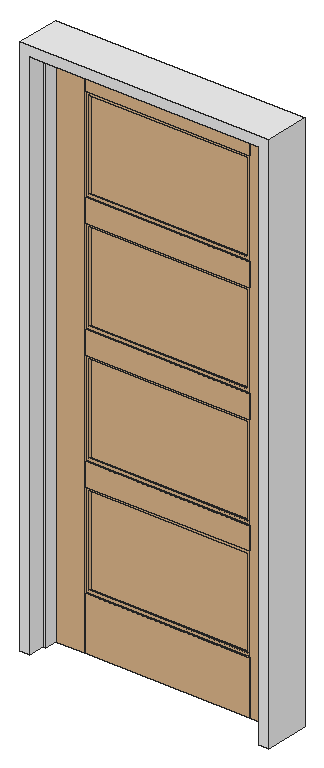
Revit family
Parameters (values of type "1 3/4" Flat Panel")
  URL = "http://www.karonadoor.com"
  Thickness Note = "Do not edit thickness."  # constant formula
  Thickness = 1.774"
  Swing Angle 2D = 90.00°
  SmartBIM Object Version = 1  # constant formula
  SmartBIM Object Created By = "Reed Construction Data"  # constant formula
  Rough Width = 0.000"
  Rough Height = 1.750"
  Panel = Panel_K3040_Karona : 1 3/4" - Flat Panel
  Model = "K3040 Mission"  # constant formula
  Manufacturer = "Karona , Inc."  # constant formula
  Detail Door Thickness = 1.750"
  Assembly Code = ""
  Top Rail Height = 5.000"
  Top Rail = Wood, Cherry - Grain Horizontal
  Stile Width = 5.063"
  Stile = Wood, Cherry - Grain Vertical
  Sticking = Wood, Cherry - Grain Vertical
  Middle Rail = Wood, Cherry - Grain Horizontal
  Height = 84.000"
  Wall Closure = (empty or 0)
  Width = 36.000"
  Frame = Metal
  Bottom Rail Height = 8.500"
  Bottom Rail = Wood, Cherry - Grain Horizontal
  95 CSI = "08210"  # constant formula
  04 CSI = "08 14 33"  # constant formula
Types (9): name | Thickness | Rough Height | Panel | Detail Door Thickness
  1 3/4" Flat Panel | 1.774" | 1.750" | Panel_K3040_Karona : 1 3/4" - Flat Panel | 1.750"
  1 3/8" Flat Panel | 1.334" | 0.000" | Panel_K3040_Karona : 1 3/8" - Flat Panel | 1.375"
  2 1/4" Flat Panel | 2.250" | 0.000" | Panel_K3040_Karona : 2 1/4" - Flat Panel | 2.250"
  1 3/4" Glass Panel | 1.774" | 1.750" | Panel_K3040_Karona : 1 3/4" - Glass Panel | 1.750"
  1 3/8" Glass Panel | 1.334" | 0.000" | Panel_K3040_Karona : 1 3/8" - Glass Panel | 1.375"
  2 1/4" Glass Panel | 2.250" | 0.000" | Panel_K3040_Karona : 2 1/4" - Glass | 2.250"
  1 3/4" Raised Panel | 1.774" | 1.750" | Panel_K3040_Karona : 1 3/4" - Raised Panel | 1.750"
  1 3/8" Raised Panel | 1.334" | 0.000" | Panel_K3040_Karona : 1 3/8" - Raised Panel | 1.375"
  2 1/4" Raised Panel | 2.250" | 0.000" | Panel_K3040_Karona : 2 1/4" - Raised Panel | 2.250"
Reference planes (in)
  plane 1 "Center (Front/Back)": y = 0
  plane 2 "Center (Left/Right)": x = 0
  plane 3 "Left": x = -18
  plane 4 "Right": x = 18
  plane 5 "Top": z = 84
  plane 6 "Exterior Edge of Frame": y = 3.5
  plane 7 "Interior Edge of Frame": y = -3.5
  plane 8: y = 1
  plane 9: y = -1
  plane 10 "Opening Left": x = -19.5
  plane 11 "Opening Right": x = 19.5
  plane 12 "Top of Opening": z = 85.5
  plane 13: x = -17.5
Forms (in)
  Sweep 1, solid, material "Metal" <- "Frame"
    path origin (0, 0, 0) x (1, 0, 0) y (0, 0, 1)
      loop
        line (-19.5, 0) -> (-19.5, 85.5) -> (19.5, 85.5) -> (19.5, 0)
    profile origin (-19.5, 0, 42.75) x (-1, 0, 0) y (0, -1, 0)
      loop
        line (0, -3.5) -> (0, 3.5) -> (-1.5, 3.5) -> (-1.5, 1) -> (-2, 1) -> (-2, -1) -> (-1.5, -1) -> (-1.5, -3.5) -> (0, -3.5)
Lines and regions (in)
  Opening 1
    outline origin (-90, -3, 0) x (1, 0, 0) y (0, 0, 1)
      loop
        line (70.5, 0) -> (109.5, 0) -> (109.5, 85.5) -> (70.5, 85.5) -> (70.5, 0)
  symbolic lines, style "Elevation Swing"
    curve 1: line (18, 3, 0) -> (-18, 3, 42)
    curve 2: line (-18, 3, 42) -> (18, 3, 84)
Text (in)
  text "Exterior" at (-46.13199, 20.20143, 0), in view "Ref. Level"
  text "Interior" at (-46.13199, -10.56751, 0), in view "Ref. Level"
  text "Exterior" at (0, 40.15149, 123.01588), in view "Right"
  text "Interior" at (0, -64.39139, 123.01588), in view "Right"
  text "Interior" at (0, -31.01599, 123.00693), in view "Left"
  text "Exterior" at (0, 54.57065, 123.00693), in view "Left"
Dimensions and locks (in)
  "Height": level to plane 5 "Top"
  "Width": plane 3 "Left" to plane 4 "Right"
  equal spacing: host wall, curve 2, plane 5 "Top"
  locked: host wall to plane 7 "Interior Edge of Frame" at 0.5
  locked: plane 6 "Exterior Edge of Frame" to host wall at 0.5
  locked: plane 9 to plane 7 "Interior Edge of Frame" at 2.5
  locked: plane 6 "Exterior Edge of Frame" to plane 8 at 2.5
  equal spacing: plane 3 "Left", plane 2 "Center (Left/Right)", plane 4 "Right"
  locked: plane 4 "Right" to plane 11 "Opening Right" at 1.5
  locked: plane 5 "Top" to plane 12 "Top of Opening" at 1.5
  locked: plane 3 "Left" to plane 13 at 0.5
  locked: plane 10 "Opening Left" to plane 3 "Left" at 1.5
  aligned and locked: Opening 1 sketch curve to level
  aligned and locked: plane 4 "Right" to curve 1
  aligned and locked: plane 3 "Left" to curve 1
  aligned and locked: plane 5 "Top" to curve 2
  aligned and locked: Opening 1 sketch curve to plane 11 "Opening Right"
  aligned and locked: plane 12 "Top of Opening" to Opening 1 sketch curve
  aligned and locked: Opening 1 sketch curve to plane 10 "Opening Left"
  aligned and locked: plane 10 "Opening Left" to Sweep 1 sketch curve
  aligned and locked: plane 12 "Top of Opening" to Sweep 1 sketch curve
  aligned and locked: plane 11 "Opening Right" to Sweep 1 sketch curve
  aligned and locked: level to Sweep 1 sketch curve  (x2)
  aligned and locked: Sweep 1 sketch curve to plane 10 "Opening Left"
  aligned and locked: Sweep 1 sketch curve to plane 6 "Exterior Edge of Frame"
  aligned and locked: Sweep 1 sketch curve to plane 7 "Interior Edge of Frame"
  aligned and locked: Sweep 1 sketch curve to plane 8
  aligned and locked: Sweep 1 sketch curve to plane 9
  aligned and locked: plane 13 to Sweep 1 sketch curve
  aligned and locked: plane 3 "Left" to Sweep 1 sketch curve  (x2)
  aligned and locked: nested 1 to plane 2 "Center (Left/Right)"
  aligned and locked: nested 1 to plane 8
  aligned and locked: nested 2 to plane 3 "Left"
  aligned and locked: nested 2 to plane 8
Automatic sketch dimensions
  curve 1 to level = 0.000"
  curve 2 to plane 4 "Right" = 0.000"
Nested families (in)
  nested 1: "Panel_K3040_Karona" at (-13.5, 0.6591, 0) x (-1, 0, 0) z (0, 0, 1), type <- "Panel", type "1 3/4" - Flat Panel"
    with Top Panel Offset 12.45313", Stile Width 5.063", Panel Width 25.874", Panel Height 14.90625", Height 84.000", Half Panel Width 12.937", Half Panel Height 7.45313", Cross Rail and Panel Spacing Start 9.26562", Cross Rail Panel Height 18.53125"
  nested 2: "Door Panel Plan View" at (-31.5, 1, 0) x (-1, 0, 0) z (0, 0, 1), type "Door Panel Plan View"
    with Thickness 1.750", Height 84.000"
Definition of nested family "Panel_K3040_Karona"
  Parameters (values of type "1 3/4" - Raised Panel")
    Width = 36.000"
    Top Rail Material = Wood, Cherry - Grain Horizontal
    Top Rail Height = 5.000"
    Top Panel Offset = Top Rail Height + Half Panel Height  # 11.95313"
    Thickness Note = "Do not change door thickness"  # constant formula
    Thickness = 1.774"
    Stile Width = 5.063"
    Stile Material = Wood, Cherry - Grain Vertical
    Sticking Material = Wood, Cherry - Grain Vertical
    Panel Width = (Width - (2 * Stile Width))  # 25.874"
    Panel Height = (Height - (Bottom Rail Height + Top Rail Height) - (3 * Mullion Width)) / 4  # 13.90625"
    Panel = Glass-Sticking-Assembly-Mission_Karona : Raised Panel
    Mullion Width = 3.625"  # constant formula
    Interior Panel = Wood, Cherry - Grain Vertical
    Height = 80.000"
    Half Panel Width = 0.5 * Panel Width  # 12.937"
    Half Panel Height = 0.5 * Panel Height  # 6.95313"
    Exterior Edge - Glass Bottom Offset = if(Thickness = 1.774", 0.567", if(Thickness = 2.250", 0.803", 0.469"))  # 0.567"
    Door Panel Material = Wood, Cherry - Grain Vertical
    Default Elevation = 0.000"  # constant formula
    Cross Rail and Panel Spacing Start = Half Panel Height + 0.5 * (3.625")  # 8.76563"
    Cross Rail Panel Height = Panel Height + 3.625"  # 17.53125"
    Bottom Rail Material = Wood, Cherry - Grain Horizontal
    Bottom Rail Height = 8.500"
    Assembly Code = ""
  Types (9): name | Thickness | Stile Width | Panel Width | Panel | Interior Panel | Half Panel Width | Exterior Edge - Glass Bottom Offset
    2 1/4" - Flat Panel | 2.250" | 5.250" | 25.500" | Glass-Sticking-Assembly-Mission_Karona : Flat Panel | Wood, Cherry - Grain Vertical | 12.750" | 0.803"
    2 1/4" - Glass | 2.250" | 5.250" | 25.500" | Glass-Sticking-Assembly-Mission_Karona : Glass Panel | Glass | 12.750" | 0.803"
    2 1/4" - Raised Panel | 2.250" | 5.250" | 25.500" | Glass-Sticking-Assembly-Mission_Karona : Raised Panel | Wood, Cherry - Grain Vertical | 12.750" | 0.803"
    1 3/4" - Raised Panel | 1.774" | 5.063" | 25.874" | Glass-Sticking-Assembly-Mission_Karona : Raised Panel | Wood, Cherry - Grain Vertical | 12.937" | 0.567"
    1 3/4" - Flat Panel | 1.774" | 5.250" | 25.500" | Glass-Sticking-Assembly-Mission_Karona : Flat Panel | Wood, Cherry - Grain Vertical | 12.750" | 0.567"
    1 3/4" - Glass Panel | 1.774" | 5.250" | 25.500" | Glass-Sticking-Assembly-Mission_Karona : Glass Panel | Glass | 12.750" | 0.567"
    1 3/8" - Raised Panel | 1.334" | 5.250" | 25.500" | Glass-Sticking-Assembly-Mission_Karona : Raised Panel | Wood, Cherry - Grain Vertical | 12.750" | 0.469"
    1 3/8" - Glass Panel | 1.334" | 5.250" | 25.500" | Glass-Sticking-Assembly-Mission_Karona : Glass Panel | Glass | 12.750" | 0.469"
    1 3/8" - Flat Panel | 1.334" | 5.250" | 25.500" | Glass-Sticking-Assembly-Mission_Karona : Flat Panel | Wood, Cherry - Grain Horizontal | 12.750" | 0.469"
  Reference planes (in)
    plane 1 "Center (Front/Back)": y = 1.2279
    plane 2: z = 0
    plane 3 "Center (Left/Right)": x = -13.5
    plane 4 "Left": x = -31.5
    plane 5: x = 4.5
    plane 6 "Inner Left": x = -26.437
    plane 7 "Inner Right": x = -0.563
    plane 8: z = 8.5
    plane 9 "Bottom Of Top Rail": z = 75
    plane 10 "Top": z = 80
    plane 11 "Interior Edge of Door": y = 2.1149
    plane 12: z = 75
    plane 13 "Exterior Edge of Door": y = 0.3409
    plane 14 "Bottom of Glass": y = 0.9095
    plane 15 "Left Panel Vertical Midline": x = -13.5
    plane 16 "Right Panel Vertical Midline": x = -13.5
    plane 17 "Center of Left Vertical Mullion": x = -13.5
    plane 18 "Center of Right Vertical Mullion": x = -13.5
    plane 19 "Horizontal Midline Panel 2": z = 66.78125
    plane 20 "Horizontal Midline Panel 3": z = 43.5625
    plane 21 "Horizontal Midline Panel 4": z = 39.9375
    plane 22 "Horizontal Midline Panel 5": z = 24.21875
    plane 23 "Cross Rail 3": z = 45.5
    plane 24 "Cross Rail 4": z = 26.03125
    plane 25 "Cross Rail Bottom": z = 22.40625
    plane 26 "Horizontal Midline Panel 6": z = 15.45313
    plane 27: z = 68.04688
    plane 28 "Cross Rail 2": z = 57.46875
    plane 29 "Cross Rail Top": z = 61.09375
    plane 30: z = 50.51563
    plane 31: z = 32.98438
  Forms (in)
    Extrusion 1, solid, material "Wood, Cherry - Grain Horizontal" <- "Bottom Rail Material"
      sketch origin (0, -101.3125, 0) x (1, 0, 0) y (0, 0, 1)
        loop
          line (-26.437, 0) -> (-0.563, 0) -> (-0.563, 8.5) -> (-26.437, 8.5) -> (-26.437, 0)
      from -101.6534 to -103.4274
    Extrusion 2, solid, material "Wood, Cherry - Grain Vertical" <- "Stile Material"
      sketch origin (0, 1.2279, 0) x (1, 0, 0) y (0, 0, 1)
        loop
          line (-31.5, 80) -> (-31.5, 0) -> (-26.437, 0) -> (-26.437, 80) -> (-31.5, 80)
        loop
          line (-0.563, 0) -> (4.5, 0) -> (4.5, 80) -> (-0.563, 80) -> (-0.563, 0)
      from 0.887 to -0.887
    Extrusion 3, solid, material "Wood, Cherry - Grain Horizontal" <- "Top Rail Material"
      sketch origin (0, 1.2279, 0) x (1, 0, 0) y (0, 0, 1)
        loop
          line (-26.437, 80) -> (-26.437, 75) -> (-0.563, 75) -> (-0.563, 80) -> (-26.437, 80)
      from 0.887 to -0.887
    Extrusion 4, solid, material "Wood, Cherry - Grain Horizontal" <- "Top Rail Material"
      sketch origin (-1.001, 1.9165, 74.562) x (0, 0, -1) y (0, -1, 0)
        loop
          line (13.46825, -0.1984) -> (17.09325, -0.1984) -> (17.09325, 1.5756) -> (13.46825, 1.5756) -> (13.46825, -0.1984)
        loop
          line (52.15575, 1.5756) -> (48.53075, 1.5756) -> (48.53075, -0.1984) -> (52.15575, -0.1984) -> (52.15575, 1.5756)
        loop
          line (30.9995, -0.1984) -> (34.6245, -0.1984) -> (34.6245, 1.5756) -> (30.9995, 1.5756) -> (30.9995, -0.1984)
      from -0.438 to 25.436
  Text (in)
    text "EXTERIOR" at (-34.59289, -1.27941, 0), in view "Ref. Level"
    text "EXTERIOR" at (0, -9.65287, 72.76687), in view "Left"
    text "EXTERIOR" at (0, -33.33473, 96.68074), in view "Right"
  Dimensions and locks (in)
    equal spacing: plane 4 "Left", plane 3 "Center (Left/Right)", plane 5
    "Width": plane 4 "Left" to plane 5
    "Stile Width": plane 4 "Left" to plane 6 "Inner Left"
    "Stile Width": plane 5 to plane 7 "Inner Right"
    "Bottom Rail Height": plane 8 to plane 2
    "Top Rail Height": plane 10 "Top" to plane 9 "Bottom Of Top Rail"
    "Height": plane 10 "Top" to plane 2
    equal spacing: plane 11 "Interior Edge of Door", plane 1 "Center (Front/Back)", plane 13 "Exterior Edge of Door"
    "Thickness": plane 11 "Interior Edge of Door" to plane 13 "Exterior Edge of Door"
    plane 14 "Bottom of Glass" to plane 13 "Exterior Edge of Door" = 0.5686"
    plane 13 "Exterior Edge of Door" to plane 14 "Bottom of Glass" = 0.5686"
    "Half Panel Width": plane 15 "Left Panel Vertical Midline" to plane 6 "Inner Left"
    "Half Panel Width": plane 7 "Inner Right" to plane 16 "Right Panel Vertical Midline"
    equal spacing: plane 3 "Center (Left/Right)", plane 17 "Center of Left Vertical Mullion", plane 15 "Left Panel Vertical Midline"
    equal spacing: plane 16 "Right Panel Vertical Midline", plane 18 "Center of Right Vertical Mullion", plane 3 "Center (Left/Right)"
    "Half Panel Height": plane 26 "Horizontal Midline Panel 6" to plane 8
    "Half Panel Height": plane 31 to plane 24 "Cross Rail 4"
    "Half Panel Height": plane 30 to plane 20 "Horizontal Midline Panel 3"
    "Mullion Width": plane 20 "Horizontal Midline Panel 3" to plane 21 "Horizontal Midline Panel 4"
    "Mullion Width": plane 29 "Cross Rail Top" to plane 28 "Cross Rail 2"
    "Mullion Width": plane 24 "Cross Rail 4" to plane 25 "Cross Rail Bottom"
    "Half Panel Height": plane 27 to plane 29 "Cross Rail Top"
    "Thickness": Extrusion 4 sketch curve to Extrusion 4 sketch curve  (x3)
    "Mullion Width": Extrusion 4 sketch curve to Extrusion 4 sketch curve  (x3)
    "Panel Width": Extrusion 4 to Extrusion 4
    equal spacing: plane 12, plane 27, plane 29 "Cross Rail Top"
    equal spacing: plane 28 "Cross Rail 2", plane 30, plane 20 "Horizontal Midline Panel 3"
    equal spacing: plane 21 "Horizontal Midline Panel 4", plane 31, plane 24 "Cross Rail 4"
    plane 25 "Cross Rail Bottom" to plane 26 "Horizontal Midline Panel 6" to plane 8 = 6.95312", 6.95313"
    equal spacing: plane 19 "Horizontal Midline Panel 2", plane 23 "Cross Rail 3", plane 22 "Horizontal Midline Panel 5"
    equal spacing: plane 24 "Cross Rail 4", plane 22 "Horizontal Midline Panel 5", plane 25 "Cross Rail Bottom"
    aligned and locked: Extrusion 1 to plane 2
    aligned and locked: plane 4 "Left" to Extrusion 2 sketch curve
    aligned and locked: Extrusion 2 sketch curve to plane 10 "Top"
    aligned and locked: Extrusion 2 sketch curve to Extrusion 1  (x3)
    aligned and locked: Extrusion 1 to Extrusion 2 sketch curve
    aligned and locked: plane 10 "Top" to Extrusion 2 sketch curve
    aligned and locked: plane 5 to Extrusion 2 sketch curve
    aligned and locked: Extrusion 2 to Extrusion 3 sketch curve
    aligned and locked: Extrusion 3 sketch curve to Extrusion 2
    aligned and locked: plane 12 to plane 9 "Bottom Of Top Rail"
    aligned and locked: level to plane 2
    aligned and locked: Extrusion 3 to plane 12  (x2)
    aligned and locked: Extrusion 1 to Extrusion 2
    aligned and locked: nested 1 to plane 16 "Right Panel Vertical Midline"
    aligned and locked: plane 16 "Right Panel Vertical Midline" to nested 4
    aligned and locked: plane 16 "Right Panel Vertical Midline" to nested 3
    aligned and locked: plane 16 "Right Panel Vertical Midline" to nested 2
    aligned and locked: plane 8 to Extrusion 1  (x2)
    aligned and locked: nested 3 to plane 20 "Horizontal Midline Panel 3"
    aligned and locked: nested 2 to plane 24 "Cross Rail 4"
    aligned and locked: nested 1 to plane 8
    aligned and locked: nested 1 to plane 1 "Center (Front/Back)"
    aligned and locked: nested 2 to plane 1 "Center (Front/Back)"
    aligned and locked: nested 3 to plane 1 "Center (Front/Back)"
    aligned and locked: plane 11 "Interior Edge of Door" to Extrusion 3
    aligned and locked: Extrusion 3 to plane 13 "Exterior Edge of Door"
    aligned and locked: Extrusion 2 to plane 13 "Exterior Edge of Door"
    aligned and locked: plane 11 "Interior Edge of Door" to Extrusion 2
    aligned and locked: plane 29 "Cross Rail Top" to Extrusion 4 sketch curve
    aligned and locked: Extrusion 4 sketch curve to plane 13 "Exterior Edge of Door"
    aligned and locked: Extrusion 4 sketch curve to plane 21 "Horizontal Midline Panel 4"
    aligned and locked: Extrusion 4 sketch curve to plane 25 "Cross Rail Bottom"
    aligned and locked: Extrusion 4 to plane 6 "Inner Left"
    aligned and locked: plane 7 "Inner Right" to Extrusion 4
    aligned and locked: plane 29 "Cross Rail Top" to nested 4
    aligned and locked: plane 28 "Cross Rail 2" to Extrusion 4
    aligned and locked: Extrusion 1 to plane 13 "Exterior Edge of Door"
    aligned and locked: plane 11 "Interior Edge of Door" to Extrusion 1
  Automatic sketch dimensions
    Extrusion 1 sketch curve to plane 6 "Inner Left" = 0.000"
    Extrusion 1 sketch curve to plane 7 "Inner Right" = 0.000"
    Extrusion 1 sketch curve to level = 0.000"
    Extrusion 1 sketch curve to plane 8 = 0.000"
    Extrusion 3 sketch curve to plane 7 "Inner Right" = 0.000"
    plane 9 "Bottom Of Top Rail" to Extrusion 3 sketch curve = 0.000"
    Extrusion 4 sketch curve to Extrusion 4 sketch curve = 0.000"  (x2)
  Nested families (in)
    nested 1: "Glass-Sticking-Assembly-Mission_Karona" at (-13.96875, 1.3784, 8.5), Width <- "Panel Width", Height <- "Panel Height", type <- "Panel", type "Raised Panel"
      with Width 25.874", Height 13.90625", Door Thickness 1.774", C 0.200", B 0.567", A 0.197"
    nested 2: "Glass-Sticking-Assembly-Mission_Karona" at (-13.96875, 1.3784, 26.03125), Width <- "Panel Width", Height <- "Panel Height", type <- "Panel", type "Raised Panel"
      with Width 25.874", Height 13.90625", Door Thickness 1.774", C 0.200", B 0.567", A 0.197"
    nested 3: "Glass-Sticking-Assembly-Mission_Karona" at (-13.96875, 1.3784, 43.5625), Width <- "Panel Width", Height <- "Panel Height", type <- "Panel", type "Raised Panel"
      with Width 25.874", Height 13.90625", Door Thickness 1.774", C 0.200", B 0.567", A 0.197"
    nested 4: "Glass-Sticking-Assembly-Mission_Karona" at (-13.96875, 1.38, 61.09375), Width <- "Panel Width", Height <- "Panel Height", type <- "Panel", type "Raised Panel"
      with Width 25.874", Height 13.90625", Door Thickness 1.774", C 0.200", B 0.567", A 0.197"
  Definition of nested family "Glass-Sticking-Assembly-Mission_Karona"
    Parameters (values of type "Glass Panel")
      Width [instance] = 19.000"
      Stop Adjustment = if(and(not(Glass Panel), Door Thickness = 1.774"), 0.513", if(and(not(Glass Panel), Door Thickness = 2.250"), 0.513", if((Glass Panel), 0.125", 0.273")))  # 0.125"
      Profile = Wood, Cherry - Grain Vertical
      Height [instance] = 23.000"
      Raised Panel = no
      Interior Panel = Wood, Cherry - Grain Vertical
      Glass Panel = yes
      Door Thickness = 2.250"
      C = if(Door Thickness = 1.774", 0.200", if(Door Thickness = 2.250", 0.439", 0.191"))  # 0.439"
      B = if(Door Thickness = 1.774", 0.567", if(Door Thickness = 2.250", 0.803", 0.469"))  # 0.803"
      Assembly Code = ""
      A = if(Door Thickness = 1.774", 0.197", if(Door Thickness = 2.250", 0.433", 0.194"))  # 0.433"
    Types (3): name | Width | Stop Adjustment | Height | Raised Panel | Glass Panel | Door Thickness | C | B | A
      Glass Panel | 19.000" | 0.125" | 23.000" | no | yes | 2.250" | 0.439" | 0.803" | 0.433"
      Flat Panel | 4.500" | 0.273" | 23.000" | no | no | 1.334" | 0.191" | 0.469" | 0.194"
      Raised Panel | 4.000" | 0.513" | 4.000" | yes | no | 2.250" | 0.439" | 0.803" | 0.433"
    Reference planes (in)
      plane 1 "Stop Adjustment Edge": y = -0.3455
      plane 2: z = 0
      plane 3 "Center (Left/Right)": x = 0.46875
      plane 4 "Back": y = 0.9765
      plane 5 "Front": y = -1.2735
      plane 6 "Left": x = -9.03125
      plane 7 "Right": x = 9.96875
      plane 8 "Top": z = 23
      plane 9 "Center (Up/Down)": z = 11.5
      plane 10 "Bottom of Stop": y = -0.2205
      plane 11 "Bottom of Glass": y = -0.4705
      plane 12 "Right Edge of Glass": x = 9.91875
      plane 13 "Left Edge of Glass": x = -8.98125
      plane 14 "Top Edge of Glass": z = 22.90625
      plane 15 "Bottom Edge of Glass": z = 0.09375
      plane 16: x = 9.84375
      plane 17: x = 9.40625
      plane 18 "A": y = -0.8405
      plane 19 "C": y = 0.5375
      plane 20: z = 0.438
      plane 21: z = 22.562
      plane 22: x = -8.59325
      plane 23: x = 9.53075
      plane 24 "Center (Front/Back)": y = -0.1485
    Forms (in)
      Sweep 1, solid, material "Wood, Cherry - Grain Vertical" <- "Profile"
        path origin (0, -0.3455, 0) x (1, 0, 0) y (0, 0, 1)
          loop
            line (9.96875, 23) -> (-9.03125, 23) -> (-9.03125, 0) -> (9.96875, 0) -> (9.96875, 23)
        profile origin (9.96875, -0.3455, 11.5) x (0, -1, 0) y (1, 0, 0)
          loop
            line (-0.883, 0) -> (-0.883, -0.438) -> (-0.125, -0.438) -> (-0.125, -0.05) -> (0.125, -0.05) -> (0.125, -0.438) -> (0.495, -0.438) -> (0.495, 0) -> (-0.883, 0)
      Extrusion 2, solid, material "Wood, Cherry - Grain Vertical" <- "Interior Panel"
        sketch origin (0, 0, 0) x (1, 0, 0) y (0, 1, 0)
          loop
            line (-8.98125, -0.2205) -> (-8.98125, -0.4705) -> (9.91875, -0.4705) -> (9.91875, -0.2205) -> (-8.98125, -0.2205)
        from 0.09375 to 22.90625
      Extrusion 3, solid, material "Wood, Cherry - Grain Vertical" <- "Profile", visible <- "Raised Panel"
        sketch origin (0, 0, 0) x (1, 0, 0) y (0, 1, 0)
          loop
            line (9.53075, 0.5375) -> (-8.59325, 0.5375) -> (-8.59325, -0.2205) -> (9.53075, -0.2205) -> (9.53075, 0.5375)
          loop
            line (-8.59325, -0.4705) -> (-8.59325, -0.8405) -> (9.53075, -0.8405) -> (9.53075, -0.4705) -> (-8.59325, -0.4705)
        from 0.438 to 22.562
      Sweep 4, void
        path origin (0, -0.2205, 0) x (-1, 0, 0) y (0, 0, 1)
          loop
            line (9.03125, 0) -> (9.03125, 23) -> (-9.96875, 23) -> (-9.96875, 0) -> (9.03125, 0)
        profile "Profile : 05" origin (-9.03125, -0.2205, 11.5) x (1, 0, 0) y (0, 1, 0)
          loop
            line (0, 0.05) -> (0.36169, 0.05096)
            arc (0.36169, 0.05096) -> (1.01257, 0.13642) -> (1.61934, 0.387) r 2.52143
            line (1.61934, 0.387) -> (0, 0.387) -> (0, 0.05)
      Sweep 5, void
        path origin (0, -0.4705, 0) x (-1, 0, 0) y (0, 0, 1)
          loop
            line (-9.96875, 23) -> (-9.96875, 0) -> (9.03125, 0) -> (9.03125, 23) -> (-9.96875, 23)
        profile "Profile : 05" origin (9.96875, -0.4705, 11.5) x (-1, 0, 0) y (0, 1, 0)
          loop
            line (0, -0.05) -> (0, -0.387) -> (1.61934, -0.387)
            arc (1.61934, -0.387) -> (1.01257, -0.13642) -> (0.36169, -0.05096) r 2.52143
            line (0.36169, -0.05096) -> (0, -0.05)
    Cuts and joins
      Sweep 4, Sweep 5 cuts Extrusion 3
    Text (in)
      text "INTERIOR" at (-14.3788, 3.49864, 0), in view "Ref. Level"
    Dimensions and locks (in)
      equal spacing: plane 6 "Left", plane 3 "Center (Left/Right)", plane 7 "Right"
      "Width": plane 6 "Left" to plane 7 "Right"
      "Door Thickness": plane 4 "Back" to plane 5 "Front"
      "Height": plane 8 "Top" to plane 2
      equal spacing: plane 8 "Top", plane 9 "Center (Up/Down)", level
      locked: plane 1 "Stop Adjustment Edge" to plane 11 "Bottom of Glass" at 0.125
      "Stop Adjustment": plane 10 "Bottom of Stop" to plane 1 "Stop Adjustment Edge"
      locked: plane 12 "Right Edge of Glass" to plane 7 "Right" at 0.05
      locked: plane 8 "Top" to plane 14 "Top Edge of Glass" at 0.09375
      locked: plane 15 "Bottom Edge of Glass" to level at 0.09375
      locked: plane 6 "Left" to plane 13 "Left Edge of Glass" at 0.05
      "B": plane 5 "Front" to plane 11 "Bottom of Glass"
      locked: plane 16 to plane 7 "Right" at 0.125
      "A": plane 5 "Front" to plane 18 "A"
      "C": plane 19 "C" to plane 4 "Back"
      plane 4 "Back" to Sweep 1 = 1.197"
      locked: plane 20 to level at 0.438
      locked: plane 8 "Top" to plane 21 at 0.438
      locked: plane 6 "Left" to plane 22 at 0.438
      locked: plane 23 to plane 7 "Right" at 0.438
      equal spacing: plane 4 "Back", plane 24 "Center (Front/Back)", plane 5 "Front"
      aligned and locked: Sweep 1 sketch curve to plane 7 "Right"
      aligned and locked: Sweep 1 sketch curve to plane 8 "Top"
      aligned and locked: Sweep 1 sketch curve to plane 6 "Left"
      aligned and locked: Sweep 1 sketch curve to level
      aligned and locked: plane 7 "Right" to Sweep 1 sketch curve
      aligned and locked: plane 10 "Bottom of Stop" to Sweep 1 sketch curve
      aligned and locked: plane 11 "Bottom of Glass" to Sweep 1 sketch curve
      aligned and locked: plane 18 "A" to Sweep 1 sketch curve
      aligned and locked: Sweep 1 sketch curve to plane 19 "C"
      aligned and locked: Extrusion 2 sketch curve to plane 13 "Left Edge of Glass"
      aligned and locked: Extrusion 2 sketch curve to plane 10 "Bottom of Stop"
      aligned and locked: Extrusion 2 sketch curve to plane 11 "Bottom of Glass"
      aligned and locked: Extrusion 2 sketch curve to plane 12 "Right Edge of Glass"
      aligned and locked: plane 14 "Top Edge of Glass" to Extrusion 2
      aligned and locked: Extrusion 2 to plane 15 "Bottom Edge of Glass"
      aligned and locked: Extrusion 3 sketch curve to plane 19 "C"
      aligned and locked: Extrusion 3 sketch curve to plane 10 "Bottom of Stop"
      aligned and locked: Extrusion 3 sketch curve to plane 11 "Bottom of Glass"
      aligned and locked: Extrusion 3 sketch curve to plane 18 "A"
      aligned and locked: Extrusion 3 to plane 20
      aligned and locked: Extrusion 3 to plane 21
      aligned and locked: plane 12 "Right Edge of Glass" to Sweep 1 sketch curve
      aligned and locked: plane 23 to Extrusion 3 sketch curve  (x2)
      aligned and locked: Extrusion 3 sketch curve to plane 22  (x2)
      aligned and locked: plane 23 to Sweep 1 sketch curve  (x2)
      aligned and locked: Sweep 5 sketch curve to plane 6 "Left"
      aligned and locked: plane 8 "Top" to Sweep 5 sketch curve
      aligned and locked: Sweep 5 sketch curve to plane 7 "Right"
      aligned and locked: level to Sweep 5 sketch curve
      aligned and locked: Sweep 4 sketch curve to plane 7 "Right"
      aligned and locked: plane 8 "Top" to Sweep 4 sketch curve
      aligned and locked: Sweep 4 sketch curve to plane 6 "Left"
      aligned and locked: level to Sweep 4 sketch curve
Definition of nested family "Door Panel Plan View"
  Parameters (values of type "Door Panel Plan View")
    Width = 36.000"
    Thickness = 2.000"
    Swing Angle 2D = 90.00°
    Height = 0.000"
    Assembly Code = ""
  Reference planes (in)
    plane 1 "Center (Front/Back)": y = 0
    plane 2: z = 0
    plane 3 "Center (Left/Right)": x = -13.5
  Lines and regions (in)
    symbolic lines, style "DoorsPanelProjection"
      curve 1: line (-13.5, 0, 0) -> (-13.5, 36, 0)
      curve 2: line (-15.5, 0, 0) -> (-15.5, 36, 0)
      curve 3: line (-13.5, 0, 0) -> (-15.5, 0, 0)
      curve 4: line (-13.5, 36, 0) -> (-15.5, 36, 0)
    symbolic lines, style "Plan Swing"
      curve 5: arc (-13.5, 36, 0) -> (-38.95584, 25.45584, 0) -> (-49.5, 0, 0) r 36
  Dimensions and locks (in)
    "Width": curve 4 to curve 3
    "Thickness": curve 1 to curve 2
    "Swing Angle 2D": angle curve 1 to plane 1 "Center (Front/Back)"
    aligned and locked: plane 1 "Center (Front/Back)" to curve 5
  Automatic sketch dimensions
    curve 3 to plane 1 "Center (Front/Back)" = 0.000"
    curve 5 to plane 3 "Center (Left/Right)" = 0.000"
    curve 3 to plane 3 "Center (Left/Right)" = 0.000"
